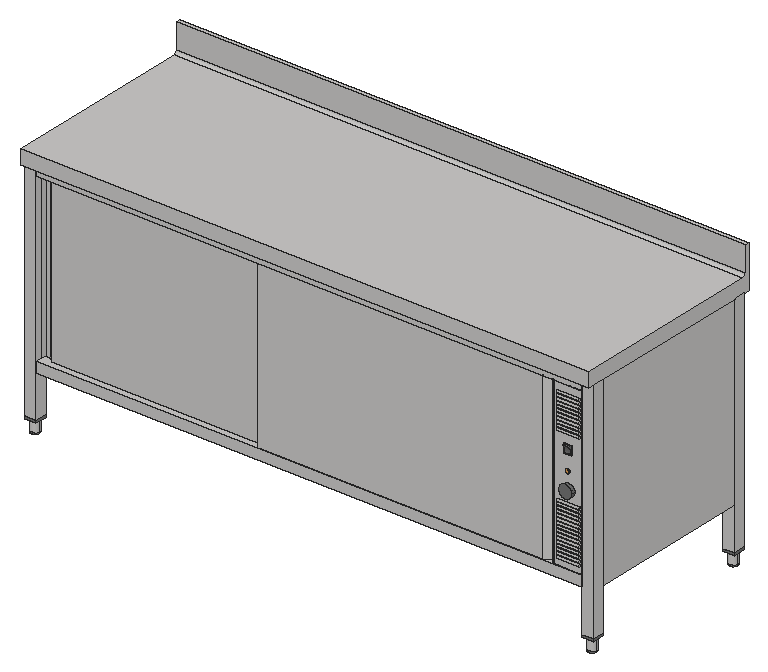
Revit family "QF_ELECTROLUXPROFESSIONAL_134054_GTC2010E", category Attrezzature speciali, Revit 2020
Family settings
  Quota connettore circolare = Usa diametro
  Tipo di parte = Normale
  Basato su piano di lavoro = No
  Sempre verticale = Sì
  Taglio con vuoti quando caricato = No
  Condiviso = No
  Punto di calcolo locali = No
Parameters (values of type "Standard")
  Weight = 111.00 kg
  Watts = 2530 W
  Volts = 220 V
  URL Manufacturer = "https://www.electroluxprofessional.com/"
  URL = "https://www.electroluxprofessional.com/"
  Steam Supply Size = 0 mm
  Steam Supply Minimum Pressure = 0.0 Pa
  Steam Supply Maximum Pressure = 0.0 Pa
  Steam Consumption per Hour = 0
  Refrigeration Suction Line Size = 0.0 mm
  Refrigeration Liquid Line Size = 0.0 mm
  Refrigerant Compressor Remote = yes
  Prospetto di default = 0.0 mm
  Produttore = "Electrolux Professional"
  Phase = 1
  Modello = "GTC2010E"
  Length Actual = 2000.0 mm  # constant formula
  Item Number = "134054"
  Hot Water Size = 0 mm
  Height Actual = 1000.0 mm  # constant formula
  HP = "3.4 HP"
  Gas Size = 0 mm
  Gas KW = 0
  Gas Input Pressure = 0 W
  Direct Waste Size = 0 mm
  Descrizione = "HOT CUPBOARD WITH UPSTAND 2000 MM"
  Depth Actual = 700.0 mm  # constant formula
  Cycle = 50 Hz
  Condensate Return Size = 0 mm
  Compressed Air Volume = 0.0 L/s
  Compressed Air Size = 0 mm
  Compressed Air Pressure = 0.0 Pa
  Cold Water Size = 0 mm
  Accessory = yes
Reference planes
  plane 1 "Center (Front/Back)": y = 0
  plane 2: z = 0
  plane 3 "Center (Left/Right)": x = -500
  plane 4 "LEFT": x = -1500
  plane 5 "RIGHT": x = 500
  plane 6 "BACK": y = 350
  plane 7 "FRONT": y = -350
  plane 8 "Base": z = 850
  plane 9 "TOP": z = 900
  plane 10: x = -1480
  plane 11: x = 480
  plane 12: y = 310
  plane 13: y = -310
  plane 14 "BodyLeft": x = -1500
  plane 15 "BodyFront": y = -330
  plane 16 "BodyRight": x = 500
  plane 17 "BodyBack": y = 330
  plane 18 "FEET": z = 200
  plane 19: x = -420
  plane 20: x = -680
  plane 21 "AxeSlideDoor": x = -550
  plane 22: x = 360
  plane 23: x = 410
  plane 24: y = -160
Forms (mm)
  Extrusion 1, solid, material "QF_Finishes_Stainless Steel"
    sketch origin (-500, 0, 0) x (0, 1, 0) y (0, 0, 1)
      loop
        line (-350, 850) -> (350, 850) -> (350, 1000) -> (337, 1000) -> (337, 910)
        arc (337, 910) -> (334.071, 902.929) -> (327, 900) r 10
        line (327, 900) -> (-350, 900) -> (-350, 850)
    from 1000 to -1000
  Extrusion 2, solid, material "QF_Finishes_Stainless Steel"
    sketch origin (0, 0, 200) x (-1, 0, 0) y (0, -1, 0)
      loop
        line (1500, -290) -> (1500, 290) -> (1460, 290) -> (1460, -290) -> (1500, -290)
      loop
        line (-460, -290) -> (-460, 290) -> (-500, 290) -> (-500, -290) -> (-460, -290)
    from 0 to 650
  Extrusion 3, solid, material "QF_Finishes_Stainless Steel"
    sketch origin (0, 0, 200) x (-1, 0, 0) y (0, -1, 0)
      loop
        line (1460, -290) -> (1460, 330) -> (-460, 330) -> (-460, -290) -> (1460, -290)
    from 0 to 40
  Extrusion 4, solid, material "QF_Finishes_Stainless Steel"
    sketch origin (0, 0, 200) x (-1, 0, 0) y (0, -1, 0)
      loop
        line (1460, -290) -> (-460, -290) -> (-460, -330) -> (1460, -330) -> (1460, -290)
    from 0 to 650
  Extrusion 5, solid, material "QF_Finishes_Stainless Steel"
    sketch origin (0, 0, 200) x (-1, 0, 0) y (0, -1, 0)
      loop
        line (-360, 330) -> (-360, 310) -> (680, 310) -> (680, 330) -> (-320, 330) -> (-340, 315) -> (-355, 315) -> (-355, 330) -> (-360, 330)
    from 40 to 620
  Extrusion 6, solid, material "QF_Finishes_Stainless Steel"
    sketch origin (0, 20, 200) x (1, 0, 0) y (0, 1, 0)
      loop
        line (-1460, -330) -> (-1455, -330) -> (-1455, -315) -> (-1440, -315) -> (-1420, -330) -> (-420, -330) -> (-420, -310) -> (-1460, -310) -> (-1460, -330)
    from 40 to 620
  Extrusion 7, solid, material "QF_Finishes_Stainless Steel"
    sketch origin (0, 0, 200) x (-1, 0, 0) y (0, -1, 0)
      loop
        line (1460, 290) -> (-460, 290) -> (-460, -290) -> (1460, -290) -> (1460, 290)
    from 350 to 390
  Extrusion 8, solid, material "QF_Finishes_Stainless Steel"
    sketch origin (0, 0, 200) x (-1, 0, 0) y (0, -1, 0)
      loop
        line (1460, 330) -> (-460, 330) -> (-460, -310) -> (1460, -310) -> (1460, 330)
    from 620 to 650
  Extrusion 9, solid, material "QF_Finishes_Stainless Steel"
    sketch origin (0, 0, 200) x (-1, 0, 0) y (0, -1, 0)
      loop
        circle (-410, 160) r 10
    from 0 to -5
Lines and regions (mm)
  symbolic lines
    curve 1: line (500, 350, 900) -> (-1500, 350, 900)
    curve 2: line (-1500, 350, 900) -> (-1500, -350, 900)
    curve 3: line (-1500, -350, 900) -> (500, -350, 900)
    curve 4: line (500, -350, 900) -> (500, 350, 900)
  symbolic lines, style "SpecialityEquipmentHiddenLines"
    curve 5: line (-1500, 330, 200) -> (500, 330, 200)
    curve 6: line (-1500, -330, 200) -> (-1500, 330, 200)
    curve 7: line (500, -330, 200) -> (-1500, -330, 200)
    curve 8: line (500, 330, 200) -> (500, -330, 200)
    curve 9: line (-1460, -290, 200) -> (-420, -290, 200)
    curve 10: line (-420, -290, 200) -> (-420, -310, 200)
    curve 11: line (-1460, -310, 200) -> (360, -310, 200)
    curve 12: line (360, -310, 200) -> (360, -330, 200)
    curve 13: line (-680, -310, 200) -> (-680, -330, 200)
    curve 14: line (-1460, -290, 200) -> (-1460, -310, 200)
  symbolic lines, style "SpecialityEquipment"
    curve 15: line (-1500, 337, 200) -> (500, 337, 200)
Dimensions and locks
  plane 4 "LEFT" to plane 5 "RIGHT" = 2000.0 mm
  equal spacing: plane 4 "LEFT", plane 3 "Center (Left/Right)", plane 5 "RIGHT"
  locked: plane 8 "Base" to level at 850
  plane 9 "TOP" to level = 900.0 mm
  plane 6 "BACK" to plane 7 "FRONT" = 700.0 mm
  equal spacing: plane 6 "BACK", plane 1 "Center (Front/Back)", plane 7 "FRONT"
  locked: plane 4 "LEFT" to plane 14 "BodyLeft"
  locked: plane 16 "BodyRight" to plane 5 "RIGHT"
  locked: plane 15 "BodyFront" to plane 7 "FRONT" at 20
  locked: plane 6 "BACK" to plane 17 "BodyBack" at 20
  locked: plane 14 "BodyLeft" to plane 10 at 20
  locked: plane 11 to plane 16 "BodyRight" at 20
  locked: plane 13 to plane 15 "BodyFront" at 20
  locked: plane 17 "BodyBack" to plane 12 at 20
  plane 10 to plane 11 = 1960.0 mm
  plane 12 to plane 13 = 620.0 mm
  locked: plane 14 "BodyLeft" to Extrusion 2 sketch curve at 40
  Extrusion 2 sketch curve to Extrusion 2 sketch curve = 40.0 mm
  locked: plane 18 "FEET" to plane 2 at 200
  plane 22 to plane 5 "RIGHT" = 140.0 mm
  equal spacing: Extrusion 2, plane 21 "AxeSlideDoor", plane 22
  locked: plane 20 to plane 21 "AxeSlideDoor" at 130
  locked: plane 21 "AxeSlideDoor" to plane 19 at 130
  plane 24 to plane 7 "FRONT" = 190.0 mm
  plane 23 to plane 16 "BodyRight" = 90.0 mm
  locked: Extrusion 1 to level at 1000
  aligned and locked: level to plane 2
  aligned and locked: plane 10 to nested 1
  aligned and locked: nested 1 to plane 13
  aligned and locked: plane 11 to nested 2
  aligned and locked: nested 2 to plane 13
  aligned and locked: plane 11 to nested 4
  aligned and locked: nested 4 to plane 12
  aligned and locked: plane 10 to nested 3
  aligned and locked: nested 3 to plane 12
  aligned and locked: Extrusion 1 to plane 4 "LEFT"
  aligned and locked: plane 5 "RIGHT" to Extrusion 1
  aligned and locked: curve 2 to plane 4 "LEFT"
  aligned and locked: Extrusion 2 sketch curve to plane 14 "BodyLeft"
  aligned and locked: plane 16 "BodyRight" to Extrusion 2 sketch curve
  aligned and locked: plane 8 "Base" to Extrusion 2
  aligned and locked: Extrusion 5 to Extrusion 3
  aligned and locked: Extrusion 6 sketch curve to plane 19
  aligned and locked: Extrusion 5 sketch curve to plane 20
  aligned and locked: Extrusion 1 to plane 8 "Base"
  aligned and locked: plane 9 "TOP" to Extrusion 1
  aligned and locked: curve 5 to plane 17 "BodyBack"
  aligned and locked: plane 14 "BodyLeft" to curve 6
  aligned and locked: plane 15 "BodyFront" to curve 7
  aligned and locked: plane 16 "BodyRight" to curve 8
  aligned and locked: Extrusion 3 sketch curve to Extrusion 2  (x2)
  aligned and locked: Extrusion 2 to Extrusion 4 sketch curve  (x2)
  aligned and locked: curve 7 to Extrusion 3 sketch curve
  aligned and locked: Extrusion 3 sketch curve to Extrusion 4
  aligned and locked: Extrusion 4 to plane 18 "FEET"
  aligned and locked: plane 22 to Extrusion 5 sketch curve
  aligned and locked: nested 5 to Extrusion 2
  aligned and locked: nested 5 to Extrusion 3
  aligned and locked: Extrusion 8 sketch curve to plane 15 "BodyFront"
  aligned and locked: plane 12 to Extrusion 8 sketch curve
  aligned and locked: curve 12 to plane 22
Automatic sketch dimensions
  curve 3 to plane 5 "RIGHT" = 0.0 mm
  curve 3 to plane 7 "FRONT" = 0.0 mm
  curve 2 to plane 6 "BACK" = 0.0 mm
  Extrusion 2 sketch curve to plane 12 = 20.0 mm  (x2)
  plane 13 to Extrusion 2 sketch curve = 20.0 mm  (x2)
  Extrusion 4 sketch curve to plane 17 "BodyBack" = 0.0 mm
  Extrusion 4 sketch curve to plane 12 = 20.0 mm
  Extrusion 5 sketch curve to plane 15 "BodyFront" = 0.0 mm  (x2)
  Extrusion 5 sketch curve to plane 13 = 0.0 mm
  Extrusion 5 sketch curve to plane 22 = 5.0 mm
  Extrusion 5 sketch curve to plane 13 = 5.0 mm
  Extrusion 5 sketch curve to Extrusion 5 sketch curve = 15.0 mm
  Extrusion 5 sketch curve to Extrusion 5 sketch curve = 20.0 mm
  Extrusion 6 sketch curve to plane 13 = 0.0 mm  (x2)
  Extrusion 6 sketch curve to plane 10 = 60.0 mm
  Extrusion 6 sketch curve to plane 13 = 15.0 mm
  Extrusion 6 sketch curve to Extrusion 6 sketch curve = 20.0 mm  (x2)
  Extrusion 6 sketch curve to Extrusion 6 sketch curve = 15.0 mm
  Extrusion 6 sketch curve to Extrusion 6 sketch curve = 5.0 mm
  Extrusion 7 sketch curve to plane 11 = 20.0 mm
  plane 10 to Extrusion 7 sketch curve = 20.0 mm
  Extrusion 7 sketch curve to plane 12 = 20.0 mm
  plane 13 to Extrusion 7 sketch curve = 20.0 mm
  Extrusion 8 sketch curve to plane 11 = 20.0 mm
  plane 10 to Extrusion 8 sketch curve = 20.0 mm
  Extrusion 9 sketch curve to plane 23 = 0.0 mm
  Extrusion 9 sketch curve to plane 24 = 0.0 mm
  Extrusion 1 sketch curve to plane 7 "FRONT" = 0.0 mm
  Extrusion 1 sketch curve to plane 9 "TOP" = 0.0 mm
  plane 9 "TOP" to Extrusion 1 sketch curve = 10.0 mm
  Extrusion 1 sketch curve to plane 6 "BACK" = 0.0 mm
  Extrusion 1 sketch curve to plane 8 "Base" = 0.0 mm
  Extrusion 1 sketch curve to plane 17 "BodyBack" = 3.0 mm
  plane 17 "BodyBack" to Extrusion 1 sketch curve = 7.0 mm
  Extrusion 1 sketch curve to Extrusion 1 sketch curve = 90.0 mm
  curve 15 to plane 5 "RIGHT" = 0.0 mm
  curve 11 to plane 13 = 0.0 mm
  curve 10 to plane 19 = 0.0 mm
  curve 13 to plane 20 = 0.0 mm
  curve 15 to plane 4 "LEFT" = 0.0 mm
  plane 10 to curve 14 = 20.0 mm
  plane 13 to curve 10 = 20.0 mm
  curve 15 to curve 5 = 7.0 mm
  radius of Extrusion 9 sketch curve = 10.0 mm
Nested families
  nested 1: "FEET_40x40_APP50" at (-1480, -310, 0), type "FEET_40x40_APP50"
  nested 2: "FEET_40x40_APP50" at (480, -310, 0), type "FEET_40x40_APP50"
  nested 3: "FEET_40x40_APP50" at (-1480, 310, 0), type "FEET_40x40_APP50"
  nested 4: "FEET_40x40_APP50" at (480, 310, 0), type "FEET_40x40_APP50"
  nested 5: "WT_PNL100x580" at (546.92, -290, 605) x (1, 0, 0) z (0, -1, 0), type "WT_PNL100x580"
    with Show Logo yes
Connectors
  electrical at (410, -160, 195)
    settings: on Extrusion 9, index 1, voltage 0 V, apparent load 0 VA, apparent load phase1 0 VA, apparent load phase2 0 VA, apparent load phase3 0 VA, power factor 1, load classification "Other", number of poles 1, system type 30, power factor state 1, is connector primary yes, connector utility no, sub classification motor no, connector description "Electrical connection"
Definition of nested family "FEET_40x40_APP50"
  Parameters
    Default Elevation = 0.0 mm
    FEET = 850.0 mm
  Reference planes
    plane 1 "Center (Front/Back)": y = 0
    plane 2: z = 0
    plane 3 "Center (Left/Right)": x = 0
    plane 4: z = 850
  Forms (mm)
    Extrusion 1, solid
      sketch origin (0, 0, 0) x (1, 0, 0) y (0, 1, 0)
        loop
          line (-20, -20) -> (20, -20) -> (20, 20) -> (-20, 20) -> (-20, -20)
      from 50 to 850
    Extrusion 2, solid
      sketch origin (0, 0, 0) x (1, 0, 0) y (0, 1, 0)
        loop
          circle (0, 0) r 15
      from 0 to 5
    Extrusion 3, solid
      sketch origin (0, 0, 0) x (1, 0, 0) y (0, 1, 0)
        loop
          line (-20, -20) -> (20, -20) -> (20, 20) -> (-20, 20) -> (-20, -20)
      from 50 to 42
    Extrusion 4, solid
      sketch origin (0, 0, 0) x (1, 0, 0) y (0, 1, 0)
        loop
          circle (0, 0) r 15
      from 5 to 42
  Lines and regions (mm)
    symbolic lines
      curve 1: line (0, -1.503, 0) -> (0, 1.508, 0)
      curve 2: line (1.561, 0, 0) -> (-1.439, 0, 0)
  Dimensions and locks
    "FEET": plane 4 to plane 2
    aligned and locked: level to plane 2
  Automatic sketch dimensions
    plane 1 "Center (Front/Back)" to curve 2 = 0.0 mm
    curve 1 to plane 3 "Center (Left/Right)" = 0.0 mm
    curve 2 to plane 3 "Center (Left/Right)" = 1.439 mm
    plane 3 "Center (Left/Right)" to curve 2 = 1.561 mm
    plane 1 "Center (Front/Back)" to curve 1 = 1.503 mm
    curve 1 to plane 1 "Center (Front/Back)" = 1.508 mm
    Extrusion 1 sketch curve to plane 3 "Center (Left/Right)" = 20.0 mm
    plane 3 "Center (Left/Right)" to Extrusion 1 sketch curve = 20.0 mm
    plane 1 "Center (Front/Back)" to Extrusion 1 sketch curve = 20.0 mm
    Extrusion 1 sketch curve to plane 1 "Center (Front/Back)" = 20.0 mm
    plane 1 "Center (Front/Back)" to Extrusion 2 sketch curve = 0.0 mm
    Extrusion 2 sketch curve to plane 3 "Center (Left/Right)" = 0.0 mm
    Extrusion 3 sketch curve to plane 3 "Center (Left/Right)" = 20.0 mm
    plane 3 "Center (Left/Right)" to Extrusion 3 sketch curve = 20.0 mm
    plane 1 "Center (Front/Back)" to Extrusion 3 sketch curve = 20.0 mm
    Extrusion 3 sketch curve to plane 1 "Center (Front/Back)" = 20.0 mm
    plane 1 "Center (Front/Back)" to Extrusion 4 sketch curve = 0.0 mm
    Extrusion 4 sketch curve to plane 3 "Center (Left/Right)" = 0.0 mm
    radius of Extrusion 2 sketch curve = 15.0 mm
    radius of Extrusion 4 sketch curve = 15.0 mm
Definition of nested family "WT_PNL100x580"
  Parameters
    Show Logo [instance] = yes
    Default Elevation = 1219.2 mm
  Reference planes
    plane 1 "Center (Front/Back)": y = -75
    plane 2: z = 0
    plane 3 "Center (Left/Right)": x = -136.92
    plane 4: x = -186.92
    plane 5: x = -86.92
    plane 6 "TOP": z = 40
  Forms (mm)
    Extrusion 1, solid
      sketch origin (0, 0, 0) x (1, 0, 0) y (0, 1, 0)
        loop
          line (-1219.2, 1219.2) -> (-1219.2, -1219.2) -> (1219.2, -1219.2) -> (1219.2, 1219.2) -> (-1219.2, 1219.2)
      from 0 to -304.8
    Extrusion 2, solid
      sketch origin (0, 35, 0) x (1, 0, 0) y (0, 1, 0)
        loop
          line (-186.92, 180) -> (-186.92, -400) -> (-86.92, -400) -> (-86.92, 180) -> (-186.92, 180)
      from 0 to 40
    Extrusion 3, solid
      sketch origin (0, 35, 40) x (-1, 0, 0) y (0, -1, 0)
        loop
          circle (136.92, 151.711) r 22.964
      from 0 to 11.071
    Extrusion 4, solid
      sketch origin (-136.92, 35, 0) x (0, 1, 0) y (0, 0, 1)
        loop
          line (95.896, 40) -> (104.899, 40) -> (95.896, 41.206) -> (95.896, 40)
        loop
          line (107.896, 40) -> (116.899, 40) -> (107.896, 41.206) -> (107.896, 40)
        loop
          line (119.896, 40) -> (128.899, 40) -> (119.896, 41.206) -> (119.896, 40)
        loop
          line (131.896, 40) -> (140.899, 40) -> (131.896, 41.206) -> (131.896, 40)
        loop
          line (143.896, 40) -> (152.899, 40) -> (143.896, 41.206) -> (143.896, 40)
        loop
          line (-246.104, 40) -> (-237.101, 40) -> (-246.104, 41.206) -> (-246.104, 40)
        loop
          line (-234.104, 40) -> (-225.101, 40) -> (-234.104, 41.206) -> (-234.104, 40)
        loop
          line (-222.104, 40) -> (-213.101, 40) -> (-222.104, 41.206) -> (-222.104, 40)
        loop
          line (-210.104, 40) -> (-201.101, 40) -> (-210.104, 41.206) -> (-210.104, 40)
        loop
          line (-198.104, 40) -> (-189.101, 40) -> (-198.104, 41.206) -> (-198.104, 40)
        loop
          line (-318.104, 40) -> (-309.101, 40) -> (-318.104, 41.206) -> (-318.104, 40)
        loop
          line (-306.104, 40) -> (-297.101, 40) -> (-306.104, 41.206) -> (-306.104, 40)
        loop
          line (-294.104, 40) -> (-285.101, 40) -> (-294.104, 41.206) -> (-294.104, 40)
        loop
          line (-282.104, 40) -> (-273.101, 40) -> (-282.104, 41.206) -> (-282.104, 40)
        loop
          line (-270.104, 40) -> (-261.101, 40) -> (-270.104, 41.206) -> (-270.104, 40)
        loop
          line (-258.104, 40) -> (-249.101, 40) -> (-258.104, 41.206) -> (-258.104, 40)
        loop
          line (-366.104, 40) -> (-357.101, 40) -> (-366.104, 41.206) -> (-366.104, 40)
        loop
          line (-354.104, 40) -> (-345.101, 40) -> (-354.104, 41.206) -> (-354.104, 40)
        loop
          line (-342.104, 40) -> (-333.101, 40) -> (-342.104, 41.206) -> (-342.104, 40)
        loop
          line (-330.104, 40) -> (-321.101, 40) -> (-330.104, 41.206) -> (-330.104, 40)
        loop
          line (-378.104, 40) -> (-369.101, 40) -> (-378.104, 41.206) -> (-378.104, 40)
        loop
          line (23.896, 40) -> (32.899, 40) -> (23.896, 41.206) -> (23.896, 40)
        loop
          line (35.896, 40) -> (44.899, 40) -> (35.896, 41.206) -> (35.896, 40)
        loop
          line (47.896, 40) -> (56.899, 40) -> (47.896, 41.206) -> (47.896, 40)
        loop
          line (59.896, 40) -> (68.899, 40) -> (59.896, 41.206) -> (59.896, 40)
        loop
          line (71.896, 40) -> (80.899, 40) -> (71.896, 41.206) -> (71.896, 40)
        loop
          line (83.896, 40) -> (92.899, 40) -> (83.896, 41.206) -> (83.896, 40)
      from -40 to 40
    Extrusion 5, solid
      sketch origin (0, -5, 40) x (-1, 0, 0) y (0, -1, 0)
        loop
          line (123.92, -32.89) -> (149.92, -32.89) -> (149.92, -1.89) -> (123.92, -1.89) -> (123.92, -32.89)
        loop
          line (148.92, -31.89) -> (148.92, -2.89) -> (124.92, -2.89) -> (124.92, -31.89) -> (148.92, -31.89)
      from 0 to 1.6
    Extrusion 6, solid
      sketch origin (0, 95, 40) x (-1, 0, 0) y (0, -1, 0)
        loop
          circle (136.92, 151.711) r 7
      from 0 to 1.6
    Extrusion 7, solid
      sketch origin (-136.92, 35, 0) x (0, 1, 0) y (0, 0, 1)
        loop
          line (-37.11, 38) -> (-8.11, 38) -> (-8.11, 41.206)
          arc (-8.11, 41.206) -> (-8.756, 45.488) -> (-10.639, 49.389) r 14.5
          arc (-10.639, 49.389) -> (-23.172, 43.026) -> (-37.11, 41.206) r 41.552
          line (-37.11, 41.206) -> (-37.11, 38)
      from -12 to 12
  Dimensions and locks
    equal spacing: plane 4, plane 3 "Center (Left/Right)", plane 5
    plane 6 "TOP" to level = 40.0 mm
    Extrusion 2 to Extrusion 2 = 580.0 mm
    plane 4 to plane 5 = 100.0 mm
    aligned and locked: plane 2 to Extrusion 1
    aligned and locked: level to Extrusion 1
  Automatic sketch dimensions
    Extrusion 1 sketch curve to Extrusion 1 sketch curve = 2438.4 mm  (x2)
    Extrusion 2 sketch curve to plane 4 = 0.0 mm
    Extrusion 2 sketch curve to plane 5 = 0.0 mm
    Extrusion 3 sketch curve to plane 3 "Center (Left/Right)" = 0.0 mm
    plane 1 "Center (Front/Back)" to Extrusion 3 sketch curve = 41.711 mm
    plane 3 "Center (Left/Right)" to Extrusion 5 sketch curve = 13.0 mm
    Extrusion 5 sketch curve to plane 3 "Center (Left/Right)" = 13.0 mm
    Extrusion 5 sketch curve to plane 1 "Center (Front/Back)" = 102.89 mm
    Extrusion 5 sketch curve to Extrusion 5 sketch curve = 31.0 mm
    Extrusion 6 sketch curve to plane 3 "Center (Left/Right)" = 0.0 mm
    Extrusion 6 sketch curve to plane 1 "Center (Front/Back)" = 18.289 mm
    Extrusion 4 sketch curve to plane 6 "TOP" = 0.0 mm  (x27)
    Extrusion 4 sketch curve to Extrusion 4 sketch curve = 9.003 mm  (x27)
    Extrusion 4 sketch curve to Extrusion 4 sketch curve = 2.997 mm  (x25)
    plane 6 "TOP" to Extrusion 4 sketch curve = 1.206 mm  (x27)
    Extrusion 4 sketch curve to plane 1 "Center (Front/Back)" = 133.896 mm
    Extrusion 5 sketch curve to Extrusion 5 sketch curve = 1.0 mm  (x4)
    Extrusion 7 sketch curve to plane 6 "TOP" = 2.0 mm
    Extrusion 7 sketch curve to plane 1 "Center (Front/Back)" = 72.89 mm
    Extrusion 7 sketch curve to plane 1 "Center (Front/Back)" = 74.556 mm
    plane 6 "TOP" to Extrusion 7 sketch curve = 1.206 mm  (x2)
    Extrusion 7 sketch curve to Extrusion 7 sketch curve = 14.5 mm  (x2)
    Extrusion 7 sketch curve to Extrusion 7 sketch curve = 2.529 mm
    Extrusion 2 sketch curve to plane 1 "Center (Front/Back)" = 290.0 mm
    plane 1 "Center (Front/Back)" to Extrusion 2 sketch curve = 290.0 mm
    plane 1 "Center (Front/Back)" to Extrusion 4 sketch curve = 79.101 mm
    radius of Extrusion 3 sketch curve = 22.964 mm
    radius of Extrusion 6 sketch curve = 7.0 mm
